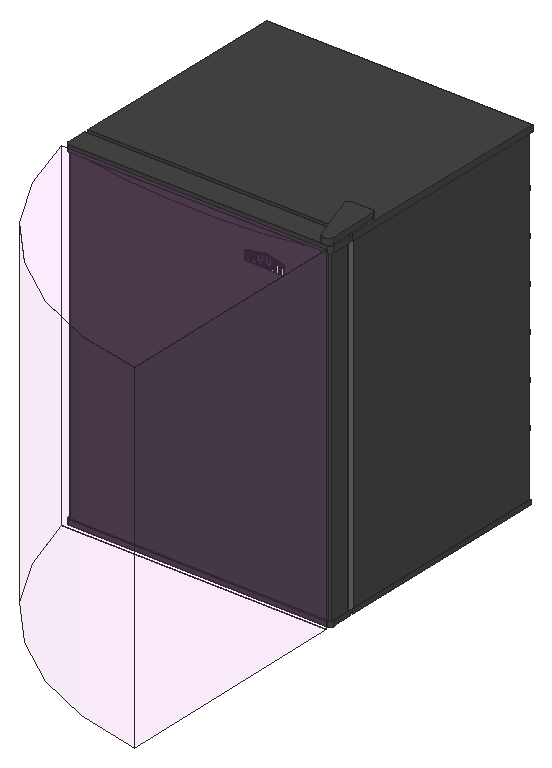
Revit family "Qf_Summit_FF29K_Compact All-Refrigerator", category Specialty Equipment, Revit 2020
Family settings
  Round Connector Dimension = Use Diameter
  Part Type = Normal
  Work Plane-Based = No
  Always vertical = Yes
  Cut with Voids When Loaded = No
  Shared = No
  Room Calculation Point = No
Parameters
  Weight in Pounds = 40
  Watts = 0 W
  Volts = 115 V
  URL Cutsheet = ""
  Specification by User = ""
  Specification by Manufacturer = ""
  Show RHD [instance] = yes
  Show LHD [instance] = not(Show RHD)  # no
  Show Clearance [instance] = yes
  Serial Number = ""
  Seismic Rating = ""
  SMACNA No = ""
  Revision Code = ""
  Refrigerant Volume = 0.00 kip
  Refrigerant Type = "R600a"
  Phase = 1
  Number of Poles = 1
  NAFEM Spec ID Number = ""
  Model = "FF29K"
  Min Ckt Ampacity = 0 A
  Max Overcurrent Protection = 0 A
  Masterspec = ""
  Manufacturer = "Summit"
  Length = 18 1/2"
  Item Number = ""
  Installed By = ""
  Identify Quantity as Lot = yes
  Height = 24 1/2"
  HP = ""
  Furnished By = ""
  Foodservice Equipment Identifier = yes
  FL Amps = 0.6 A
  Electrical Remarks = ""
  Electric Connection Type = ""
  Elec Conn RI Height = 0"
  Elec Conn Connection Height = 0"
  Description = "Compact All-Refrigerator"
  Depth = 18.37503"
  Default Elevation = 0"
  Cycle = 60 Hz
  Conn Plug = ""
  Conn Conduit = yes
  CSI MasterFormat = ""
  Apparent Power = 828 VA
Reference planes (in)
  plane 1: z = 0
  plane 2 "LEFT": x = 0
  plane 3 "RIGHT": x = 18.5
  plane 4 "FRONT": y = -19.12503
  plane 5 "TOP": z = 24.5
  plane 6 "Center Y": x = 9.25
  plane 7 "Center X": y = -9.93752
  plane 8 "BACK": y = -0.75
  plane 9: z = 0.75
  plane 10: z = 24.875
  plane 11: y = -16.75
  plane 12: y = -17.125
  plane 13: x = 17.375
  plane 14: x = 0.125
  plane 15: x = 18.375
  plane 16: y = -1.375
  plane 17: y = -0.95364
  plane 18: y = -1.14114
  plane 19: y = -1.04739
  plane 20: x = 0.5
  plane 21: x = 18
  plane 22: y = -35.875
Forms (in)
  Revolve 1, solid, material "QF_Metallic_Paint_White_Smooth"
    sketch origin (0, 0, 22.5) x (1, 0, 0) y (0, 1, 0)
      loop
        line (1.5, -0.74941) -> (1.5, -1.375) -> (1.75, -1.375) -> (1.75, -0.82975)
        arc (1.75, -0.82975) -> (1.6313, -0.76999) -> (1.5, -0.74941) r 0.42913
      axis (1.5, -1.375) -> (1.5, -0.74941)
    angle from 0 to 360
  Revolve 2, solid, material "QF_Metallic_Paint_White_Smooth"
    sketch origin (18.5, 0, 22.5) x (-1, 0, 0) y (0, 1, 0)
      loop
        line (1.5, -0.74941) -> (1.5, -1.375) -> (1.75, -1.375) -> (1.75, -0.82975)
        arc (1.75, -0.82975) -> (1.6313, -0.76999) -> (1.5, -0.74941) r 0.42913
      axis (1.5, -1.375) -> (1.5, -0.74941)
    angle from 0 to 360
  Revolve 3, solid, material "QF_Metallic_Paint_White_Smooth"
    sketch origin (0, 0, 4.5) x (1, 0, 0) y (0, 1, 0)
      loop
        line (1.5, -0.74941) -> (1.5, -1.375) -> (1.75, -1.375) -> (1.75, -0.82975)
        arc (1.75, -0.82975) -> (1.6313, -0.76999) -> (1.5, -0.74941) r 0.42913
      axis (1.5, -1.375) -> (1.5, -0.74941)
    angle from 0 to 360
  Revolve 4, solid, material "QF_Metallic_Paint_White_Smooth"
    sketch origin (18.5, 0, 4.5) x (-1, 0, 0) y (0, 1, 0)
      loop
        line (1.5, -0.74941) -> (1.5, -1.375) -> (1.75, -1.375) -> (1.75, -0.82975)
        arc (1.75, -0.82975) -> (1.6313, -0.76999) -> (1.5, -0.74941) r 0.42913
      axis (1.5, -1.375) -> (1.5, -0.74941)
    angle from 0 to 360
  Sweep 5, solid, material "QF_Plastic_Dark_Grey"
    path origin (0, -0.75, 0) x (1, 0, 0) y (0, 0, 1)
      loop
        line (0.5, 4.5) -> (17.2786, 4.5)
        arc (17.2786, 4.5) -> (18.0286, 5.25) -> (17.2786, 6) r 0.75
        line (17.2786, 6) -> (1.25472, 6)
        arc (1.25472, 6) -> (0.50472, 6.75) -> (1.25472, 7.5) r 0.75
        line (1.25472, 7.5) -> (17.2786, 7.5)
        arc (17.2786, 7.5) -> (18.0286, 8.25) -> (17.2786, 9) r 0.75
        line (17.2786, 9) -> (1.25472, 9)
        arc (1.25472, 9) -> (0.50472, 9.75) -> (1.25472, 10.5) r 0.75
        line (1.25472, 10.5) -> (17.2786, 10.5)
        arc (17.2786, 10.5) -> (18.0286, 11.25) -> (17.2786, 12) r 0.75
        line (17.2786, 12) -> (1.25472, 12)
        arc (1.25472, 12) -> (0.50472, 12.75) -> (1.25472, 13.5) r 0.75
        line (1.25472, 13.5) -> (17.2786, 13.5)
        arc (17.2786, 13.5) -> (18.0286, 14.25) -> (17.2786, 15) r 0.75
        line (17.2786, 15) -> (1.25472, 15)
        arc (1.25472, 15) -> (0.50472, 15.75) -> (1.25472, 16.5) r 0.75
        line (1.25472, 16.5) -> (17.2786, 16.5)
        arc (17.2786, 16.5) -> (18.0286, 17.25) -> (17.2786, 18) r 0.75
        line (17.2786, 18) -> (1.25472, 18)
        arc (1.25472, 18) -> (0.50472, 18.75) -> (1.25472, 19.5) r 0.75
        line (1.25472, 19.5) -> (17.2786, 19.5)
        arc (17.2786, 19.5) -> (18.0286, 20.25) -> (17.2786, 21) r 0.75
        line (17.2786, 21) -> (1.25472, 21)
        arc (1.25472, 21) -> (0.50472, 21.75) -> (1.25472, 22.5) r 0.75
        line (1.25472, 22.5) -> (18, 22.5)
    profile origin (9.62736, -0.75, 22.5) x (0, 0, 1) y (0, -1, 0)
      loop
        circle (0, 0.29739) r 0.09375
  Extrusion 6, solid, material "QF_Metallic_Paint_Black_Glossy", visible <- "Show RHD"
    sketch origin (0, 7.25, 0) x (1, 0, 0) y (0, 1, 0)
      loop
        arc (17.57727, -25.70624) -> (17.9919, -25.96441) -> (18.31, -25.59375) r 0.375
        line (18.31, -25.59375) -> (18.31, -22.125)
        arc (18.31, -22.125) -> (18.23678, -21.94822) -> (18.06, -21.875) r 0.25
        line (18.06, -21.875) -> (16.6225, -21.875)
        arc (16.6225, -21.875) -> (16.42095, -21.9771) -> (16.38401, -22.19999) r 0.25
        line (16.38401, -22.19999) -> (17.57727, -25.70624)
    from 24.5 to 24.875
  Extrusion 7, solid, material "QF_Metallic_Paint_Black_Glossy"
    sketch origin (0, 1.25, 0) x (1, 0, 0) y (0, 1, 0)
      loop
        line (0.125, -18) -> (18.375, -18) -> (18.375, -2.625) -> (0.125, -2.625) -> (0.125, -18)
    from 0.75 to 24.5
  Extrusion 8, solid, material "QF_Metallic_Paint_Black_Glossy"
    sketch origin (0, 1.25, 0) x (1, 0, 0) y (0, 1, 0)
      loop
        line (0, -18.11165) -> (18.5, -18.11165) -> (18.5, -2.5) -> (0, -2.5) -> (0, -18.11165)
    from 24.5 to 24.0625
  Extrusion 9, solid, material "QF_Metallic_Paint_Black_Glossy"
    sketch origin (0, 1.25, -31.125) x (1, 0, 0) y (0, 1, 0)
      loop
        line (0.0625, -18.05944) -> (18.4375, -18.05944) -> (18.4375, -2.55722) -> (0.0625, -2.55722) -> (0.0625, -18.05944)
    from 31.875 to 32.1875
  Extrusion 10, solid, material "QF_Plastic_Dark_Grey"
    sketch origin (0, 1.25, 0) x (1, 0, 0) y (0, 1, 0)
      loop
        line (0.125, -18) -> (0.125, -18.375) -> (18.375, -18.375) -> (18.375, -18) -> (0.125, -18)
    from 1.0625 to 24.0625
  Extrusion 11, solid, material "QF_Metallic_Paint_Black_Glossy"
    sketch origin (0, 7.25, 0) x (1, 0, 0) y (0, 1, 0)
      loop
        arc (0.23547, -25.90094) -> (9.25, -26.25003) -> (18.26453, -25.90094) r 116.56451
        arc (18.26453, -25.90094) -> (18.34338, -25.85988) -> (18.375, -25.77679) r 0.125
        line (18.375, -25.77679) -> (18.375, -24.5) -> (0.125, -24.5) -> (0.125, -25.77679)
        arc (0.125, -25.77679) -> (0.15662, -25.85988) -> (0.23547, -25.90094) r 0.125
    from 0.75 to 24.5
  Extrusion 12, solid, material "QF_Metallic_Paint_Black_Glossy"
    sketch origin (-0.25, 7.25, 0) x (1, 0, 0) y (0, 1, 0)
      loop
        line (18.75, -24.375) -> (0.25, -24.375) -> (0.25, -25.77679)
        arc (0.25, -25.77679) -> (0.31419, -25.94404) -> (0.47378, -26.02541) r 0.25
        arc (0.47378, -26.02541) -> (9.5, -26.37503) -> (18.52622, -26.02541) r 116.68951
        arc (18.52622, -26.02541) -> (18.68581, -25.94404) -> (18.75, -25.77679) r 0.25
        line (18.75, -25.77679) -> (18.75, -24.375)
    from 24.0625 to 24.5
  Extrusion 13, solid, material "QF_Metallic_Paint_Black_Glossy"
    sketch origin (-0.25, 7.25, -25.25) x (1, 0, 0) y (0, 1, 0)
      loop
        line (18.75, -24.375) -> (0.25, -24.375) -> (0.25, -25.77679)
        arc (0.25, -25.77679) -> (0.31419, -25.94404) -> (0.47378, -26.02541) r 0.25
        arc (0.47378, -26.02541) -> (9.5, -26.37503) -> (18.52622, -26.02541) r 116.68951
        arc (18.52622, -26.02541) -> (18.68581, -25.94404) -> (18.75, -25.77679) r 0.25
        line (18.75, -25.77679) -> (18.75, -24.375)
    from 26 to 26.3125
  Revolve 14, solid, material "QF_Plastic_Dark_Grey"
    sketch origin (0, -15.75036, 0) x (1, 0, 0) y (0, 0, 1)
      loop
        line (1.625, 0.75) -> (1.625, 0) -> (2.06016, 0) -> (2.06016, 0.375) -> (1.93516, 0.375) -> (1.93516, 0.5625) -> (1.75, 0.5625) -> (1.75, 0.75) -> (1.625, 0.75)
      axis (1.625, 0) -> (1.625, 0.75)
    angle from 0 to 360
  Extrusion 15, solid, material "QF_Metallic_Paint_White_Smooth"
    sketch origin (-1.87046, 0.5, -0.62908) x (1, 0, 0) y (0, 0, 1)
      loop
        circle (17.375, 2.125) r 0.25
    from 1.80722 to 1.875
  Extrusion 16, solid, material "QF_Clearances_Door_Drawer", visible <- "Show RHD"
    sketch origin (0, 7.25, 0) x (1, 0, 0) y (0, 1, 0)
      loop
        arc (-0.027, -26.37503) -> (6.52554, -37.76141) -> (18.5, -43.16489) r 21.375
        line (18.5, -43.16489) -> (18.5, -26.37503) -> (-0.027, -26.37503)
    from 0.75 to 24.5
  Extrusion 17, solid, material "QF_Metallic_Paint_Black_Glossy"
    sketch origin (0, -0.75, 0) x (1, 0, 0) y (0, 0, 1)
      loop
        arc (1.75, 24.0625) -> (9.25, 23.75) -> (16.75, 24.0625) r 90.15625
        line (16.75, 24.0625) -> (1.75, 24.0625)
    from 17.90094 to 18.37503
  Extrusion 18, void
    sketch origin (0, 0.03125, 0) x (1, 0, 0) y (0, 1, 0)
      loop
        line (1.6139, -18.87491) -> (1.6139, -19.24256) -> (16.99031, -19.24256) -> (16.99031, -18.86803)
        arc (16.99031, -18.86803) -> (9.30222, -19.12502) -> (1.6139, -18.87491) r 116.68951
    from 23.42395 to 24.5
  Revolve 19, solid, material "QF_Plastic_Dark_Grey"
    sketch origin (18.5, -15.75036, 0) x (-1, 0, 0) y (0, 0, -1)
      loop
        line (1.625, -0.75) -> (1.75, -0.75) -> (1.75, -0.5625) -> (1.93516, -0.5625) -> (1.93516, -0.375) -> (2.06016, -0.375) -> (2.06016, 0) -> (1.625, 0) -> (1.625, -0.75)
      axis (1.625, 0) -> (1.625, -0.75)
    angle from 0 to 360
  Revolve 20, solid, material "QF_Plastic_Dark_Grey"
    sketch origin (0, -2.49766, 0) x (1, 0, 0) y (0, 0, 1)
      loop
        line (1.625, 0.75) -> (1.625, 0) -> (2.06016, 0) -> (2.06016, 0.375) -> (1.93516, 0.375) -> (1.93516, 0.5625) -> (1.75, 0.5625) -> (1.75, 0.75) -> (1.625, 0.75)
      axis (1.625, 0) -> (1.625, 0.75)
    angle from 0 to 360
  Revolve 21, solid, material "QF_Plastic_Dark_Grey"
    sketch origin (18.5, -2.49766, 0) x (-1, 0, 0) y (0, 0, -1)
      loop
        line (1.625, -0.75) -> (1.75, -0.75) -> (1.75, -0.5625) -> (1.93516, -0.5625) -> (1.93516, -0.375) -> (2.06016, -0.375) -> (2.06016, 0) -> (1.625, 0) -> (1.625, -0.75)
      axis (1.625, 0) -> (1.625, -0.75)
    angle from 0 to 360
  Extrusion 22, solid, material "QF_Metallic_Paint_White_Smooth"
    sketch origin (0, -0.75, 0) x (1, 0, 0) y (0, 0, 1)
      loop
        line (12.74691, 22.48847) -> (12.74691, 21.84019) -> (15.49296, 21.84019) -> (15.49296, 22.49889) -> (14.12774, 22.79752) -> (12.74691, 22.48847)
      loop
        line (12.99938, 22.00121) -> (12.9519, 22.00121) -> (12.93539, 22.03272) -> (12.80996, 22.03272) -> (12.80996, 21.90292) -> (13.12552, 21.90292) -> (13.12552, 22.24412) -> (12.9519, 22.24412) -> (12.9519, 22.35749) -> (12.99898, 22.35796) -> (13.01589, 22.32568) -> (13.12552, 22.32568) -> (13.12552, 22.52343) -> (12.80996, 22.45399) -> (12.80996, 22.11428) -> (12.99938, 22.11428) -> (12.99938, 22.00121)
      loop
        line (13.33079, 22.56859) -> (13.20126, 22.54009) -> (13.20126, 21.90292) -> (13.51783, 21.90292) -> (13.51783, 22.60975) -> (13.39369, 22.58243) -> (13.39369, 22.08268) -> (13.33079, 22.08268) -> (13.33079, 22.56859)
      loop
        line (13.59944, 21.90292) -> (13.7415, 21.90292) -> (13.7415, 22.08218) -> (13.81963, 21.90292) -> (13.88317, 21.90292) -> (13.96241, 22.17883) -> (13.96241, 21.90292) -> (14.08872, 21.90292) -> (14.08872, 22.73879) -> (13.94675, 22.70755) -> (13.85186, 22.2768) -> (13.75482, 22.66532) -> (13.59944, 22.63113) -> (13.59944, 21.90292)
      loop
        line (14.16742, 21.90292) -> (14.30928, 21.90292) -> (14.30928, 22.17883) -> (14.38852, 21.90292) -> (14.45206, 21.90292) -> (14.53019, 22.08218) -> (14.53019, 21.90292) -> (14.67225, 21.90292) -> (14.67225, 22.63113) -> (14.51686, 22.66532) -> (14.41983, 22.2768) -> (14.32494, 22.70755) -> (14.16742, 22.74221) -> (14.16742, 21.90292)
      loop
        line (14.7508, 21.90292) -> (14.92485, 21.90292) -> (14.92485, 22.57555) -> (14.7508, 22.61384) -> (14.7508, 21.90292)
      loop
        line (15.12995, 21.90292) -> (15.28764, 21.90292) -> (15.28764, 22.32486) -> (15.42988, 22.29356) -> (15.42988, 22.46442) -> (15.00338, 22.55827) -> (15.00338, 22.38741) -> (15.12995, 22.35956) -> (15.12995, 21.90292)
    from 18.37503 to 18.38534
  Extrusion 23, solid, material "QF_Metallic_Paint_Black_Glossy", visible <- "Show RHD"
    sketch origin (0, -0.75, 0.12511) x (1, 0, 0) y (0, 0, 1)
      loop
        line (12.99938, 21.8761) -> (12.9519, 21.8761) -> (12.93539, 21.90761) -> (12.80996, 21.90761) -> (12.80996, 21.77782) -> (13.12552, 21.77782) -> (13.12552, 22.11901) -> (12.9519, 22.11901) -> (12.9519, 22.23239) -> (12.99898, 22.23285) -> (13.01589, 22.20057) -> (13.12552, 22.20057) -> (13.12552, 22.39832) -> (12.80996, 22.32888) -> (12.80996, 21.98917) -> (12.99938, 21.98917) -> (12.99938, 21.8761)
      loop
        line (13.33079, 22.44349) -> (13.20126, 22.41498) -> (13.20126, 21.77782) -> (13.51783, 21.77782) -> (13.51783, 22.48464) -> (13.39369, 22.45733) -> (13.39369, 21.95757) -> (13.33079, 21.95757) -> (13.33079, 22.44349)
      loop
        line (13.59944, 21.77782) -> (13.7415, 21.77782) -> (13.7415, 21.95708) -> (13.81963, 21.77782) -> (13.88317, 21.77782) -> (13.96241, 22.05372) -> (13.96241, 21.77782) -> (14.08872, 21.77782) -> (14.08872, 22.61369) -> (13.94675, 22.58245) -> (13.85186, 22.1517) -> (13.75482, 22.54022) -> (13.59944, 22.50602) -> (13.59944, 21.77782)
      loop
        line (14.16742, 21.77782) -> (14.30928, 21.77782) -> (14.30928, 22.05372) -> (14.38852, 21.77782) -> (14.45206, 21.77782) -> (14.53019, 21.95708) -> (14.53019, 21.77782) -> (14.67225, 21.77782) -> (14.67225, 22.50602) -> (14.51686, 22.54022) -> (14.41983, 22.1517) -> (14.32494, 22.58245) -> (14.16742, 22.61711) -> (14.16742, 21.77782)
      loop
        line (14.7508, 21.77782) -> (14.92485, 21.77782) -> (14.92485, 22.45044) -> (14.7508, 22.48874) -> (14.7508, 21.77782)
      loop
        line (15.12995, 21.77782) -> (15.28764, 21.77782) -> (15.28764, 22.19976) -> (15.42988, 22.16846) -> (15.42988, 22.33931) -> (15.00338, 22.43316) -> (15.00338, 22.26231) -> (15.12995, 22.23446) -> (15.12995, 21.77782)
    from 18.38534 to 18.37503
  Extrusion 24, solid, material "QF_Metallic_Paint_Black_Glossy", visible <- "Show LHD"
    sketch origin (-9.83485, -0.75, 0.12511) x (1, 0, 0) y (0, 0, 1)
      loop
        line (12.99938, 21.8761) -> (12.9519, 21.8761) -> (12.93539, 21.90761) -> (12.80996, 21.90761) -> (12.80996, 21.77782) -> (13.12552, 21.77782) -> (13.12552, 22.11901) -> (12.9519, 22.11901) -> (12.9519, 22.23239) -> (12.99898, 22.23285) -> (13.01589, 22.20057) -> (13.12552, 22.20057) -> (13.12552, 22.39832) -> (12.80996, 22.32888) -> (12.80996, 21.98917) -> (12.99938, 21.98917) -> (12.99938, 21.8761)
      loop
        line (13.33079, 22.44349) -> (13.20126, 22.41498) -> (13.20126, 21.77782) -> (13.51783, 21.77782) -> (13.51783, 22.48464) -> (13.39369, 22.45733) -> (13.39369, 21.95757) -> (13.33079, 21.95757) -> (13.33079, 22.44349)
      loop
        line (13.59944, 21.77782) -> (13.7415, 21.77782) -> (13.7415, 21.95708) -> (13.81963, 21.77782) -> (13.88317, 21.77782) -> (13.96241, 22.05372) -> (13.96241, 21.77782) -> (14.08872, 21.77782) -> (14.08872, 22.61369) -> (13.94675, 22.58245) -> (13.85186, 22.1517) -> (13.75482, 22.54022) -> (13.59944, 22.50602) -> (13.59944, 21.77782)
      loop
        line (14.16742, 21.77782) -> (14.30928, 21.77782) -> (14.30928, 22.05372) -> (14.38852, 21.77782) -> (14.45206, 21.77782) -> (14.53019, 21.95708) -> (14.53019, 21.77782) -> (14.67225, 21.77782) -> (14.67225, 22.50602) -> (14.51686, 22.54022) -> (14.41983, 22.1517) -> (14.32494, 22.58245) -> (14.16742, 22.61711) -> (14.16742, 21.77782)
      loop
        line (14.7508, 21.77782) -> (14.92485, 21.77782) -> (14.92485, 22.45044) -> (14.7508, 22.48874) -> (14.7508, 21.77782)
      loop
        line (15.12995, 21.77782) -> (15.28764, 21.77782) -> (15.28764, 22.19976) -> (15.42988, 22.16846) -> (15.42988, 22.33931) -> (15.00338, 22.43316) -> (15.00338, 22.26231) -> (15.12995, 22.23446) -> (15.12995, 21.77782)
    from 18.38534 to 18.37503
  Extrusion 25, solid, material "QF_Metallic_Paint_Black_Glossy", visible <- "Show LHD"
    sketch origin (18.5, 7.25, 0) x (-1, 0, 0) y (0, -1, 0)
      loop
        line (17.57727, 25.70624) -> (16.38401, 22.19999)
        arc (16.38401, 22.19999) -> (16.42095, 21.9771) -> (16.6225, 21.875) r 0.25
        line (16.6225, 21.875) -> (18.06, 21.875)
        arc (18.06, 21.875) -> (18.23678, 21.94822) -> (18.31, 22.125) r 0.25
        line (18.31, 22.125) -> (18.31, 25.59375)
        arc (18.31, 25.59375) -> (17.9919, 25.96441) -> (17.57727, 25.70624) r 0.375
    from 24.5 to 24.875
  Extrusion 26, solid, material "QF_Clearances_Door_Drawer", visible <- "Show LHD"
    sketch origin (18.5, 7.25, 0) x (-1, 0, 0) y (0, -1, 0)
      loop
        line (-0.027, 26.37503) -> (18.5, 26.37503) -> (18.5, 43.16489)
        arc (18.5, 43.16489) -> (6.52554, 37.76141) -> (-0.027, 26.37503) r 21.375
    from 0.75 to 24.5
Cuts and joins
  Extrusion 18 cuts Extrusion 13
  Extrusion 18 cuts Extrusion 17
  joined: Extrusion 11, Extrusion 12, Extrusion 13, Extrusion 17
  joined: Extrusion 7, Extrusion 8, Extrusion 9
Lines and regions (in)
  symbolic lines
    curve 1: line (0, -1.25, 0) -> (0, -16.86165, 0)
    curve 3: line (18.5, -16.86165, 0) -> (18.5, -1.25, 0)
    curve 4: line (18.5, -1.25, 0) -> (0, -1.25, 0)
    curve 5: line (0.50528, -0.95364, 0) -> (18.02756, -0.95364, 0)
    curve 6: line (18.02756, -1.14114, 0) -> (0.50528, -1.14114, 0)
    curve 7: arc (18.02756, -0.95364, 0) -> (18.12131, -1.04739, 0) -> (18.02756, -1.14114, 0) r 0.09375
    curve 8: arc (0.50528, -1.14114, 0) -> (0.41153, -1.04739, 0) -> (0.50528, -0.95364, 0) r 0.09375
    curve 9: line (1.25, -0.82975, 0) -> (1.75, -0.82975, 0)
    curve 10: line (1.25, -0.82975, 0) -> (1.25, -0.95364, 0)
    curve 11: line (1.25, -1.25, 0) -> (1.25, -1.14114, 0)
    curve 12: line (1.75, -0.82975, 0) -> (1.75, -0.95364, 0)
    curve 13: line (1.75, -1.25, 0) -> (1.75, -1.14114, 0)
    curve 14: arc (1.25, -0.82975, 0) -> (1.5, -0.74995, 0) -> (1.75, -0.82975, 0) r 0.43148
    curve 15: line (17.25, -0.82975, 0) -> (16.75, -0.82975, 0)
    curve 16: line (17.25, -0.82975, 0) -> (17.25, -0.95364, 0)
    curve 17: line (17.25, -1.25, 0) -> (17.25, -1.14114, 0)
    curve 18: line (16.75, -0.82975, 0) -> (16.75, -0.95364, 0)
    curve 19: line (16.75, -1.25, 0) -> (16.75, -1.14114, 0)
    curve 20: arc (17.25, -0.82975, 0) -> (17, -0.74995, 0) -> (16.75, -0.82975, 0) r 0.43148
  symbolic lines, visible <- "Show RHD"
    curve 2: line (0, -16.86165, 0) -> (17.0346, -16.86165, 0)
    curve 21: line (18.06, -14.625, 0) -> (16.6225, -14.625, 0)
    curve 22: arc (16.6225, -14.625, 0) -> (16.42095, -14.7271, 0) -> (16.38401, -14.94999, 0) r 0.25
    curve 23: line (16.38401, -14.94999, 0) -> (17.57727, -18.45624, 0)
    curve 24: arc (17.57727, -18.45624, 0) -> (17.9919, -18.71441, 0) -> (18.31, -18.34375, 0) r 0.375
    curve 25: line (18.31, -18.34375, 0) -> (18.31, -14.875, 0)
    curve 26: arc (18.31, -14.875, 0) -> (18.23678, -14.69822, 0) -> (18.06, -14.625, 0) r 0.25
    curve 27: line (18.31, -16.86165, 0) -> (18.5, -16.86165, 0)
    curve 28: line (18.375, -16.86165, 0) -> (18.375, -17.125, 0)
    curve 29: line (18.31, -17.125, 0) -> (18.5, -17.125, 0)
    curve 30: line (17.12422, -17.125, 0) -> (0, -17.125, 0)
    curve 31: line (0, -17.125, 0) -> (0, -18.52679, 0)
    curve 32: arc (0, -18.52679, 0) -> (0.06419, -18.69404, 0) -> (0.22378, -18.77541, 0) r 0.25
    curve 33: arc (0.22378, -18.77541, 0) -> (9.25, -19.12503, 0) -> (18.27622, -18.77541, 0) r 116.68951
    curve 34: arc (18.27622, -18.77541, 0) -> (18.43581, -18.69404, 0) -> (18.5, -18.52679, 0) r 0.25
    curve 35: line (18.5, -18.52679, 0) -> (18.5, -17.125, 0)
    curve 36: line (0.125, -16.86165, 0) -> (0.125, -17.125, 0)
  symbolic lines, style "QF_Clearances_Door_Drawer", visible <- "Show RHD"
    curve 37: arc (-0.027, -19.12503, 0) -> (1.44331, -23.56869, 0) -> (3.84556, -27.58578, 0) r 21.375
    curve 38: line (3.84556, -27.58578, 0) -> (18.5, -19.12503, 0)
  symbolic lines, visible <- "Show LHD"
    curve 39: line (18.5, -16.86165, 0) -> (1.4654, -16.86165, 0)
    curve 40: line (0.44, -14.625, 0) -> (1.8775, -14.625, 0)
    curve 41: arc (1.8775, -14.625, 0) -> (2.07905, -14.7271, 0) -> (2.11599, -14.94999, 0) r 0.25
    curve 42: line (2.11599, -14.94999, 0) -> (0.92273, -18.45624, 0)
    curve 43: arc (0.92273, -18.45624, 0) -> (0.5081, -18.71441, 0) -> (0.19, -18.34375, 0) r 0.375
    curve 44: line (0.19, -18.34375, 0) -> (0.19, -14.875, 0)
    curve 45: arc (0.19, -14.875, 0) -> (0.26322, -14.69822, 0) -> (0.44, -14.625, 0) r 0.25
    curve 46: line (0.19, -16.86165, 0) -> (0, -16.86165, 0)
    curve 47: line (0.125, -16.86165, 0) -> (0.125, -17.125, 0)
    curve 48: line (0.19, -17.125, 0) -> (0, -17.125, 0)
    curve 49: line (1.37578, -17.125, 0) -> (18.5, -17.125, 0)
    curve 50: line (18.5, -17.125, 0) -> (18.5, -18.52679, 0)
    curve 51: arc (18.5, -18.52679, 0) -> (18.43581, -18.69404, 0) -> (18.27622, -18.77541, 0) r 0.25
    curve 52: arc (18.27622, -18.77541, 0) -> (9.25, -19.12503, 0) -> (0.22378, -18.77541, 0) r 116.68951
    curve 53: arc (0.22378, -18.77541, 0) -> (0.06419, -18.69404, 0) -> (0, -18.52679, 0) r 0.25
    curve 54: line (0, -18.52679, 0) -> (0, -17.125, 0)
    curve 55: line (18.375, -16.86165, 0) -> (18.375, -17.125, 0)
  symbolic lines, style "QF_Clearances_Door_Drawer", visible <- "Show LHD"
    curve 56: arc (18.527, -19.12503, 0) -> (17.05669, -23.56869, 0) -> (14.65444, -27.58578, 0) r 21.375
    curve 57: line (14.65444, -27.58578, 0) -> (0, -19.12503, 0)
Dimensions and locks (in)
  equal spacing: plane 2 "LEFT", plane 6 "Center Y", plane 3 "RIGHT"
  "Length": plane 2 "LEFT" to plane 3 "RIGHT"
  equal spacing: plane 4 "FRONT", plane 7 "Center X", plane 8 "BACK"
  "Height": plane 5 "TOP" to level
  plane 3 "RIGHT" to plane 2 "LEFT" = 18 1/2"
  plane 5 "TOP" to level = 24 1/2"  (x2)
  "Depth": plane 4 "FRONT" to plane 8 "BACK"
  plane 9 to level = 3/4"
  plane 10 to plane 5 "TOP" = 3/8"
  plane 16 to plane 22 = 34 1/2"
  plane 11 to plane 16 = 15 3/8"
  aligned and locked: level to plane 1
  aligned and locked: Extrusion 6 to plane 10
  aligned and locked: cut or joined group of Extrusion 11, Extrusion 12, Extrusion 13, Extrusion 17, Extrusion 18 to Extrusion 17
  aligned and locked: Extrusion 22 to Extrusion 23
  aligned and locked: Extrusion 16 to Extrusion 22
Automatic sketch dimensions
  plane 4 "FRONT" to curve 37 = 0"
  curve 2 to plane 2 "LEFT" = 0"
  curve 32 to plane 2 "LEFT" = 0"
  curve 36 to plane 14 = 0"
  plane 19 to curve 8 = 0"
  plane 18 to curve 8 = 0"
  curve 33 to plane 6 "Center Y" = 0"
  plane 12 to curve 30 = 0"
  plane 12 to curve 29 = 0"
  curve 28 to plane 15 = 0"
  curve 35 to plane 3 "RIGHT" = 0"
  curve 3 to plane 3 "RIGHT" = 0"
  curve 38 to plane 3 "RIGHT" = 0"
  plane 4 "FRONT" to curve 57 = 0"
  plane 4 "FRONT" to curve 56 = 0"
  plane 4 "FRONT" to curve 38 = 0"
  curve 8 to plane 14 = 0.38028"
  plane 8 "BACK" to curve 9 = 0.07975"
  curve 5 to curve 9 = 0.74472"
  plane 18 to curve 14 = 0.04029"
  curve 10 to curve 14 = 1/4"
  curve 38 to plane 14 = 3.72056"
  plane 13 to curve 23 = 0.99099"
  curve 22 to curve 22 = 0.23849"
  plane 8 "BACK" to curve 15 = 0.07975"
  plane 13 to curve 15 = 5/8"
  plane 18 to curve 20 = 0.04029"
  curve 18 to curve 20 = 1/4"
  curve 23 to plane 13 = 0.20227"
  curve 24 to curve 24 = 0.35773"
  curve 7 to plane 15 = 0.34744"
  curve 21 to plane 15 = 0.315"
  curve 34 to plane 15 = 1/8"
  curve 25 to plane 15 = 0.065"
  curve 37 to plane 3 "RIGHT" = 2.37915"
  curve 56 to curve 54 = 2.37915"
  curve 43 to curve 53 = 0.06"
  curve 44 to curve 45 = 1/4"
  curve 53 to curve 43 = 0.315"
  curve 43 to curve 42 = 0.35773"
  curve 40 to curve 40 = 1 7/16"
  curve 42 to plane 11 = 1.80001"
  curve 41 to curve 42 = 0.23849"
  plane 22 to curve 57 = 8.28922"
  curve 56 to curve 51 = 3.59556"
  plane 22 to curve 38 = 8.28922"
  curve 34 to plane 4 "FRONT" = 0.59825"
  curve 53 to curve 43 = 0.18304"
  curve 31 to plane 4 "FRONT" = 0.59825"
  curve 23 to plane 4 "FRONT" = 0.66879"
  curve 23 to plane 11 = 1.80001"
  curve 25 to plane 11 = 1 7/8"
  curve 42 to curve 45 = 0.07499"
  curve 56 to plane 11 = 2.07729"
  curve 37 to plane 11 = 2.07729"
  plane 18 to curve 3 = 0.10886"
  curve 52 to plane 8 "BACK" = 98.31447"
  curve 33 to curve 52 = 0"
  curve 32 to plane 14 = 0.09878"
  curve 11 to curve 14 = 1/4"
  curve 13 to curve 12 = 0"
  curve 19 to curve 20 = 1/4"
  plane 13 to curve 17 = 1/8"
  curve 57 to curve 54 = 0"
  curve 47 to curve 48 = 0.065"
  curve 53 to curve 53 = 0.02622"
  plane 11 to curve 39 = 0.11165"
  curve 55 to curve 39 = 1/8"
  plane 11 to curve 47 = 0.11165"
  plane 16 to Revolve 1 sketch curve = 0"
  Revolve 1 sketch curve to plane 8 "BACK" = 0.00059"
  Revolve 1 sketch curve to plane 14 = 1 3/8"
  Revolve 1 sketch curve to Revolve 1 sketch curve = 1/4"
  plane 18 to Revolve 1 sketch curve = 0.0374"
  Revolve 1 sketch curve to Revolve 1 sketch curve = 0"  (x2)
  Revolve 1 sketch curve to Revolve 1 sketch curve = 0.18843"
  plane 16 to Revolve 2 sketch curve = 0"
  plane 8 "BACK" to Revolve 2 sketch curve = 0.00059"
  Revolve 2 sketch curve to plane 13 = 3/8"
  Revolve 2 sketch curve to Revolve 2 sketch curve = 1/4"
  Revolve 2 sketch curve to plane 18 = 0.0374"
  Revolve 2 sketch curve to Revolve 2 sketch curve = 0"  (x2)
  Revolve 2 sketch curve to Revolve 2 sketch curve = 0.18843"
  plane 16 to Revolve 3 sketch curve = 0"
  Revolve 3 sketch curve to plane 8 "BACK" = 0.00059"
  Revolve 3 sketch curve to plane 14 = 1 3/8"
  Revolve 3 sketch curve to Revolve 3 sketch curve = 1/4"
  plane 18 to Revolve 3 sketch curve = 0.0374"
  Revolve 3 sketch curve to Revolve 3 sketch curve = 0"  (x2)
  Revolve 3 sketch curve to Revolve 3 sketch curve = 0.18843"
  plane 16 to Revolve 4 sketch curve = 0"
  plane 8 "BACK" to Revolve 4 sketch curve = 0.00059"
  Revolve 4 sketch curve to plane 13 = 3/8"
  Revolve 4 sketch curve to Revolve 4 sketch curve = 1/4"
  Revolve 4 sketch curve to plane 18 = 0.0374"
  Revolve 4 sketch curve to Revolve 4 sketch curve = 0"  (x2)
  Revolve 4 sketch curve to Revolve 4 sketch curve = 0.18843"
  plane 20 to Sweep 5 sketch curve = 0"
  Sweep 5 sketch curve to plane 21 = 0"
  Sweep 5 sketch curve to plane 20 = 0.75472"  (x6)
  plane 13 to Sweep 5 sketch curve = 0.0964"  (x6)
  Sweep 5 sketch curve to plane 9 = 3 3/4"
  Sweep 5 sketch curve to Sweep 5 sketch curve = 3/4"  (x12)
  profile plane to Sweep 5 sketch curve = 0"
  profile plane to Sweep 5 sketch curve = 0.29739"
  plane 13 to Extrusion 6 sketch curve = 0.99099"
  Extrusion 6 sketch curve to Extrusion 6 sketch curve = 0.23849"
  Extrusion 6 sketch curve to plane 13 = 0.20227"
  Extrusion 6 sketch curve to Extrusion 6 sketch curve = 0.35773"
  Extrusion 6 sketch curve to plane 15 = 0.315"
  Extrusion 6 sketch curve to plane 15 = 0.065"
  Extrusion 6 sketch curve to plane 4 "FRONT" = 0.66879"
  Extrusion 6 sketch curve to plane 11 = 1.80001"
  Extrusion 6 sketch curve to Extrusion 6 sketch curve = 0.07499"
  Extrusion 7 sketch curve to plane 14 = 0"
  plane 11 to Extrusion 7 sketch curve = 0"
  Extrusion 7 sketch curve to plane 15 = 0"
  plane 16 to Extrusion 7 sketch curve = 0"
  Extrusion 8 sketch curve to plane 2 "LEFT" = 0"
  Extrusion 8 sketch curve to plane 3 "RIGHT" = 0"
  plane 11 to Extrusion 8 sketch curve = 0.11165"
  plane 18 to Extrusion 8 sketch curve = 0.10886"
  plane 2 "LEFT" to Extrusion 9 sketch curve = 1/16"
  plane 3 "RIGHT" to Extrusion 9 sketch curve = 1/16"
  plane 11 to Extrusion 9 sketch curve = 0.05944"
  Extrusion 9 sketch curve to plane 16 = 0.06778"
  plane 12 to Extrusion 10 sketch curve = 0"
  Extrusion 10 sketch curve to plane 14 = 0"
  Extrusion 10 sketch curve to plane 15 = 0"
  plane 11 to Extrusion 10 sketch curve = 0"
  Extrusion 11 sketch curve to plane 14 = 0"
  Extrusion 11 sketch curve to plane 6 "Center Y" = 0"
  Extrusion 11 sketch curve to plane 15 = 0"
  Extrusion 11 sketch curve to Extrusion 11 sketch curve = 1/8"  (x2)
  Extrusion 11 sketch curve to plane 4 "FRONT" = 0.59825"  (x2)
  plane 12 to Extrusion 11 sketch curve = 1/8"
  Extrusion 11 sketch curve to plane 8 "BACK" = 98.31447"
  Extrusion 11 sketch curve to plane 14 = 0.11047"
  Extrusion 12 sketch curve to plane 2 "LEFT" = 0"
  Extrusion 12 sketch curve to plane 6 "Center Y" = 0"
  Extrusion 12 sketch curve to plane 3 "RIGHT" = 0"
  plane 12 to Extrusion 12 sketch curve = 0"
  Extrusion 12 sketch curve to plane 14 = 1/8"
  Extrusion 12 sketch curve to plane 15 = 1/8"
  Extrusion 12 sketch curve to plane 4 "FRONT" = 0.59825"  (x2)
  Extrusion 12 sketch curve to plane 8 "BACK" = 98.31447"
  Extrusion 12 sketch curve to plane 14 = 0.09878"
  Extrusion 13 sketch curve to plane 2 "LEFT" = 0"
  Extrusion 13 sketch curve to plane 6 "Center Y" = 0"
  Extrusion 13 sketch curve to plane 3 "RIGHT" = 0"
  plane 12 to Extrusion 13 sketch curve = 0"
  Extrusion 13 sketch curve to plane 14 = 1/8"
  Extrusion 13 sketch curve to plane 15 = 1/8"
  Extrusion 13 sketch curve to plane 4 "FRONT" = 0.59825"  (x2)
  Extrusion 13 sketch curve to plane 8 "BACK" = 98.31447"
  Extrusion 13 sketch curve to plane 14 = 0.09878"
  Revolve 14 sketch curve to plane 9 = 0"  (x2)
  Revolve 14 sketch curve to level = 0"
  Revolve 14 sketch curve to plane 14 = 1 1/2"
  Revolve 14 sketch curve to Revolve 14 sketch curve = 1/8"  (x2)
  Revolve 14 sketch curve to Revolve 14 sketch curve = 0.18516"
  level to Revolve 14 sketch curve = 3/8"
  plane 9 to Revolve 14 sketch curve = 3/16"
  Revolve 14 sketch curve to Revolve 14 sketch curve = 0"
  Revolve 14 sketch curve to plane 9 = 0.19038"
  Extrusion 15 sketch curve to plane 9 = 0.74592"
  plane 13 to Extrusion 15 sketch curve = 1.87046"
  plane 4 "FRONT" to Extrusion 16 sketch curve = 0"
  Extrusion 16 sketch curve to plane 3 "RIGHT" = 0"
  Extrusion 16 sketch curve to plane 2 "LEFT" = 0.027"
  Extrusion 16 sketch curve to plane 3 "RIGHT" = 2.37915"
  Extrusion 16 sketch curve to plane 22 = 0.03989"
  Extrusion 17 sketch curve to plane 6 "Center Y" = 0"
  Extrusion 17 sketch curve to plane 5 "TOP" = 7/16"
  Extrusion 17 sketch curve to plane 14 = 1 5/8"
  Extrusion 17 sketch curve to plane 10 = 89 1/32"
  Extrusion 18 sketch curve to plane 6 "Center Y" = 0"
  plane 4 "FRONT" to Extrusion 18 sketch curve = 0.08628"
  Extrusion 18 sketch curve to plane 14 = 1.4889"
  plane 13 to Extrusion 18 sketch curve = 0.38469"
  Extrusion 18 sketch curve to plane 4 "FRONT" = 0.28137"
  Extrusion 18 sketch curve to plane 4 "FRONT" = 0.28825"
  Revolve 19 sketch curve to plane 9 = 0"  (x2)
  Revolve 19 sketch curve to level = 0"
  plane 13 to Revolve 19 sketch curve = 1/2"
  Revolve 19 sketch curve to Revolve 19 sketch curve = 1/8"  (x2)
  Revolve 19 sketch curve to Revolve 19 sketch curve = 0.18516"
  plane 9 to Revolve 19 sketch curve = 3/16"
  Revolve 19 sketch curve to Revolve 19 sketch curve = 3/16"
  Revolve 19 sketch curve to Revolve 19 sketch curve = 0"
  Revolve 19 sketch curve to Revolve 19 sketch curve = 0.19038"
  Revolve 20 sketch curve to plane 9 = 0"  (x2)
  Revolve 20 sketch curve to level = 0"
  Revolve 20 sketch curve to plane 14 = 1 1/2"
  Revolve 20 sketch curve to Revolve 20 sketch curve = 1/8"  (x2)
  Revolve 20 sketch curve to Revolve 20 sketch curve = 0.18516"
  level to Revolve 20 sketch curve = 3/8"
  Revolve 20 sketch curve to Revolve 20 sketch curve = 3/16"
  Revolve 20 sketch curve to Revolve 20 sketch curve = 0"
  Revolve 20 sketch curve to plane 9 = 0.19038"
  Revolve 21 sketch curve to plane 9 = 0"  (x2)
  Revolve 21 sketch curve to level = 0"
  plane 13 to Revolve 21 sketch curve = 1/2"
  Revolve 21 sketch curve to Revolve 21 sketch curve = 1/8"  (x2)
  Revolve 21 sketch curve to Revolve 21 sketch curve = 0.18516"
  plane 9 to Revolve 21 sketch curve = 3/16"
  Revolve 21 sketch curve to Revolve 21 sketch curve = 3/16"
  Revolve 21 sketch curve to Revolve 21 sketch curve = 0"
  Revolve 21 sketch curve to Revolve 21 sketch curve = 0.19038"
  plane 6 "Center Y" to Extrusion 22 sketch curve = 3.49691"
  Extrusion 22 sketch curve to Extrusion 22 sketch curve = 0.06305"  (x2)
  Extrusion 22 sketch curve to Extrusion 22 sketch curve = 0.12543"
  Extrusion 22 sketch curve to Extrusion 22 sketch curve = 0.14194"
  Extrusion 22 sketch curve to Extrusion 22 sketch curve = 0.01651"
  Extrusion 22 sketch curve to Extrusion 22 sketch curve = 0.04708"
  Extrusion 22 sketch curve to Extrusion 22 sketch curve = 0.04748"
  Extrusion 22 sketch curve to Extrusion 22 sketch curve = 0.01692"
  Extrusion 22 sketch curve to Extrusion 22 sketch curve = 0.12614"
  Extrusion 22 sketch curve to Extrusion 22 sketch curve = 0.12655"
  Extrusion 22 sketch curve to Extrusion 22 sketch curve = 0.07573"
  Extrusion 22 sketch curve to plane 5 "TOP" = 1.93141"
  Extrusion 22 sketch curve to Extrusion 22 sketch curve = 0.12953"
  Extrusion 22 sketch curve to Extrusion 22 sketch curve = 0.06291"
  Extrusion 22 sketch curve to plane 5 "TOP" = 1.89025"
  Extrusion 22 sketch curve to Extrusion 22 sketch curve = 0.12413"
  Extrusion 22 sketch curve to plane 5 "TOP" = 1.86887"
  Extrusion 22 sketch curve to Extrusion 22 sketch curve = 0.08161"
  Extrusion 22 sketch curve to Extrusion 22 sketch curve = 0.14206"
  Extrusion 22 sketch curve to Extrusion 22 sketch curve = 0.15539"  (x2)
  Extrusion 22 sketch curve to Extrusion 22 sketch curve = 5/64"  (x2)
  Extrusion 22 sketch curve to Extrusion 22 sketch curve = 0.11036"
  Extrusion 22 sketch curve to Extrusion 22 sketch curve = 0.06354"  (x2)
  Extrusion 22 sketch curve to Extrusion 22 sketch curve = 0.19192"  (x2)
  Extrusion 22 sketch curve to Extrusion 22 sketch curve = 0.07923"  (x2)
  Extrusion 22 sketch curve to Extrusion 22 sketch curve = 0.14197"
  Extrusion 22 sketch curve to Extrusion 22 sketch curve = 0.03902"
  Extrusion 22 sketch curve to Extrusion 22 sketch curve = 0.03969"
  Extrusion 22 sketch curve to Extrusion 22 sketch curve = 0.14186"
  Extrusion 22 sketch curve to Extrusion 22 sketch curve = 0.15752"
  Extrusion 22 sketch curve to Extrusion 22 sketch curve = 0.11054"
  Extrusion 22 sketch curve to Extrusion 22 sketch curve = 0.07855"
  Extrusion 22 sketch curve to Extrusion 22 sketch curve = 0.17404"
  Extrusion 22 sketch curve to Extrusion 22 sketch curve = 0.07853"
  Extrusion 22 sketch curve to Extrusion 22 sketch curve = 0.2051"
  Extrusion 22 sketch curve to Extrusion 22 sketch curve = 0.1577"
  Extrusion 22 sketch curve to Extrusion 22 sketch curve = 0.14224"
  Extrusion 22 sketch curve to Extrusion 22 sketch curve = 0.20532"
  Extrusion 22 sketch curve to Extrusion 22 sketch curve = 0.07286"
  Extrusion 22 sketch curve to Extrusion 22 sketch curve = 0.0285"
  Extrusion 22 sketch curve to Extrusion 22 sketch curve = 0.01666"
  Extrusion 22 sketch curve to Extrusion 22 sketch curve = 0.05938"
  Extrusion 22 sketch curve to Extrusion 22 sketch curve = 0.03496"
  Extrusion 22 sketch curve to Extrusion 22 sketch curve = 0.03447"
  Extrusion 22 sketch curve to Extrusion 22 sketch curve = 0.03448"
  Extrusion 22 sketch curve to Extrusion 22 sketch curve = 0.17085"
  Extrusion 22 sketch curve to Extrusion 22 sketch curve = 0.02785"
  Extrusion 22 sketch curve to Extrusion 22 sketch curve = 0.16547"
  Extrusion 22 sketch curve to Extrusion 22 sketch curve = 0.00047"
  Extrusion 22 sketch curve to Extrusion 22 sketch curve = 0.03228"
  Extrusion 22 sketch curve to Extrusion 22 sketch curve = 0.0347"
  Extrusion 22 sketch curve to Extrusion 22 sketch curve = 0.0313"
  Extrusion 22 sketch curve to Extrusion 22 sketch curve = 0.35432"
  Extrusion 22 sketch curve to Extrusion 22 sketch curve = 0"  (x7)
  Extrusion 22 sketch curve to Extrusion 22 sketch curve = 0.08156"  (x2)
  Extrusion 22 sketch curve to Extrusion 22 sketch curve = 0.09797"  (x2)
  Extrusion 22 sketch curve to Extrusion 22 sketch curve = 0.12984"
  Extrusion 22 sketch curve to Extrusion 22 sketch curve = 0.16144"
  Extrusion 22 sketch curve to Extrusion 22 sketch curve = 0.19462"  (x2)
  Extrusion 22 sketch curve to Extrusion 22 sketch curve = 0.03151"
  Extrusion 22 sketch curve to Extrusion 22 sketch curve = 0.27591"
  Extrusion 22 sketch curve to Extrusion 22 sketch curve = 0.17926"  (x2)
  Extrusion 22 sketch curve to Extrusion 22 sketch curve = 0.17976"
  Extrusion 22 sketch curve to Extrusion 22 sketch curve = 0.06273"
  Extrusion 22 sketch curve to Extrusion 22 sketch curve = 0.01728"  (x2)
  Extrusion 22 sketch curve to Extrusion 22 sketch curve = 0.01384"
  Extrusion 22 sketch curve to Extrusion 22 sketch curve = 0.0383"
  Extrusion 22 sketch curve to Extrusion 22 sketch curve = 0.03419"  (x2)
  Extrusion 22 sketch curve to Extrusion 22 sketch curve = 0.04223"  (x2)
  Extrusion 22 sketch curve to Extrusion 22 sketch curve = 1/32"
  Extrusion 22 sketch curve to Extrusion 22 sketch curve = 0.00342"
  Extrusion 22 sketch curve to Extrusion 22 sketch curve = 0.05531"
  plane 6 "Center Y" to Extrusion 23 sketch curve = 3.55996"
  Extrusion 23 sketch curve to Extrusion 23 sketch curve = 0"  (x10)
  Extrusion 23 sketch curve to Extrusion 23 sketch curve = 0.12543"
  Extrusion 23 sketch curve to Extrusion 23 sketch curve = 0.01651"
  Extrusion 23 sketch curve to Extrusion 23 sketch curve = 0.14194"
  Extrusion 23 sketch curve to Extrusion 23 sketch curve = 0.04708"
  Extrusion 23 sketch curve to Extrusion 23 sketch curve = 0.06399"
  Extrusion 23 sketch curve to Extrusion 23 sketch curve = 0.01692"
  Extrusion 23 sketch curve to Extrusion 23 sketch curve = 0.12655"
  Extrusion 23 sketch curve to Extrusion 23 sketch curve = 0.12614"
  Extrusion 23 sketch curve to Extrusion 23 sketch curve = 0.07573"
  Extrusion 23 sketch curve to Extrusion 23 sketch curve = 0.12953"
  Extrusion 23 sketch curve to Extrusion 23 sketch curve = 0.06291"
  Extrusion 23 sketch curve to Extrusion 23 sketch curve = 0.12413"
  Extrusion 23 sketch curve to Extrusion 23 sketch curve = 0.08161"
  Extrusion 23 sketch curve to Extrusion 23 sketch curve = 0.14206"  (x2)
  Extrusion 23 sketch curve to Extrusion 23 sketch curve = 0.15539"
  Extrusion 23 sketch curve to Extrusion 23 sketch curve = 5/64"  (x2)
  Extrusion 23 sketch curve to Extrusion 23 sketch curve = 0.11036"
  Extrusion 23 sketch curve to Extrusion 23 sketch curve = 0.06354"  (x2)
  Extrusion 23 sketch curve to Extrusion 23 sketch curve = 0.19192"  (x2)
  Extrusion 23 sketch curve to Extrusion 23 sketch curve = 0.07923"  (x2)
  Extrusion 23 sketch curve to Extrusion 23 sketch curve = 0.14197"
  Extrusion 23 sketch curve to Extrusion 23 sketch curve = 0.07871"
  Extrusion 23 sketch curve to Extrusion 23 sketch curve = 0.14186"
  Extrusion 23 sketch curve to Extrusion 23 sketch curve = 0.15752"
  Extrusion 23 sketch curve to Extrusion 23 sketch curve = 0.11054"
  Extrusion 23 sketch curve to Extrusion 23 sketch curve = 0.07855"
  Extrusion 23 sketch curve to Extrusion 23 sketch curve = 0.17404"
  Extrusion 23 sketch curve to Extrusion 23 sketch curve = 0.07853"
  Extrusion 23 sketch curve to Extrusion 23 sketch curve = 0.2051"
  Extrusion 23 sketch curve to Extrusion 23 sketch curve = 0.1577"
  Extrusion 23 sketch curve to Extrusion 23 sketch curve = 0.14224"
  Extrusion 23 sketch curve to plane 5 "TOP" = 2.59708"
  Extrusion 23 sketch curve to Extrusion 23 sketch curve = 0.09829"
  Extrusion 23 sketch curve to Extrusion 23 sketch curve = 0.12979"
  Extrusion 23 sketch curve to Extrusion 23 sketch curve = 0.17926"  (x2)
  Extrusion 23 sketch curve to Extrusion 23 sketch curve = 0.17976"
  Extrusion 23 sketch curve to Extrusion 23 sketch curve = 0.08156"  (x2)
  Extrusion 23 sketch curve to Extrusion 23 sketch curve = 0.09665"  (x2)
  Extrusion 23 sketch curve to Extrusion 23 sketch curve = 0.12984"
  Extrusion 23 sketch curve to Extrusion 23 sketch curve = 0.09797"  (x2)
  Extrusion 23 sketch curve to Extrusion 23 sketch curve = 25/64"
  Extrusion 23 sketch curve to Extrusion 23 sketch curve = 0.0313"
  Extrusion 23 sketch curve to Extrusion 23 sketch curve = 0.03181"
  Extrusion 23 sketch curve to Extrusion 23 sketch curve = 0.03228"
  Extrusion 23 sketch curve to Extrusion 23 sketch curve = 0.0347"
  Extrusion 23 sketch curve to Extrusion 23 sketch curve = 0.02785"
  Extrusion 23 sketch curve to Extrusion 23 sketch curve = 0.0965"
  Extrusion 23 sketch curve to Extrusion 23 sketch curve = 0.17085"  (x2)
  Extrusion 23 sketch curve to Extrusion 23 sketch curve = 0.19775"
  Extrusion 23 sketch curve to Extrusion 23 sketch curve = 0.01666"
  Extrusion 23 sketch curve to Extrusion 23 sketch curve = 0.0285"
  Extrusion 23 sketch curve to Extrusion 23 sketch curve = 0.01728"  (x2)
  Extrusion 23 sketch curve to Extrusion 23 sketch curve = 0.01384"
  Extrusion 23 sketch curve to Extrusion 23 sketch curve = 0.02731"
  Extrusion 23 sketch curve to Extrusion 23 sketch curve = 0.0383"
  Extrusion 23 sketch curve to Extrusion 23 sketch curve = 0.02138"
  Extrusion 23 sketch curve to Extrusion 23 sketch curve = 0.03419"  (x2)
  Extrusion 23 sketch curve to Extrusion 23 sketch curve = 0.04223"  (x2)
  Extrusion 23 sketch curve to Extrusion 23 sketch curve = 1/32"
  Extrusion 23 sketch curve to Extrusion 23 sketch curve = 0.00342"
  Extrusion 24 sketch curve to plane 14 = 2.85011"
  Extrusion 24 sketch curve to Extrusion 24 sketch curve = 0"  (x8)
  Extrusion 24 sketch curve to Extrusion 24 sketch curve = 0.12543"
  Extrusion 24 sketch curve to Extrusion 24 sketch curve = 0.01651"
  Extrusion 24 sketch curve to Extrusion 24 sketch curve = 0.14194"
  Extrusion 24 sketch curve to Extrusion 24 sketch curve = 0.04708"
  Extrusion 24 sketch curve to Extrusion 24 sketch curve = 0.06399"
  Extrusion 24 sketch curve to Extrusion 24 sketch curve = 0.01692"
  Extrusion 24 sketch curve to Extrusion 24 sketch curve = 0.12655"
  Extrusion 24 sketch curve to Extrusion 24 sketch curve = 0.12614"
  Extrusion 24 sketch curve to Extrusion 24 sketch curve = 0.07573"
  Extrusion 24 sketch curve to Extrusion 24 sketch curve = 0.12953"
  Extrusion 24 sketch curve to Extrusion 24 sketch curve = 0.06291"
  Extrusion 24 sketch curve to Extrusion 24 sketch curve = 0.12413"
  Extrusion 24 sketch curve to Extrusion 24 sketch curve = 0.08161"
  Extrusion 24 sketch curve to Extrusion 24 sketch curve = 0.14206"  (x2)
  Extrusion 24 sketch curve to plane 5 "TOP" = 1.83468"  (x2)
  Extrusion 24 sketch curve to Extrusion 24 sketch curve = 0.15539"
  Extrusion 24 sketch curve to Extrusion 24 sketch curve = 5/64"  (x2)
  Extrusion 24 sketch curve to Extrusion 24 sketch curve = 0.11036"
  Extrusion 24 sketch curve to Extrusion 24 sketch curve = 0.06354"  (x2)
  Extrusion 24 sketch curve to plane 5 "TOP" = 1.79245"  (x2)
  Extrusion 24 sketch curve to Extrusion 24 sketch curve = 0.19192"  (x2)
  Extrusion 24 sketch curve to Extrusion 24 sketch curve = 0.07923"  (x2)
  Extrusion 24 sketch curve to plane 5 "TOP" = 1.76121"
  Extrusion 24 sketch curve to Extrusion 24 sketch curve = 0.14197"
  Extrusion 24 sketch curve to Extrusion 24 sketch curve = 0.07871"
  Extrusion 24 sketch curve to Extrusion 24 sketch curve = 0.14186"
  Extrusion 24 sketch curve to Extrusion 24 sketch curve = 0.15752"
  Extrusion 24 sketch curve to plane 5 "TOP" = 2.2232"
  Extrusion 24 sketch curve to Extrusion 24 sketch curve = 0.11054"
  Extrusion 24 sketch curve to Extrusion 24 sketch curve = 0.07855"
  Extrusion 24 sketch curve to Extrusion 24 sketch curve = 0.17404"
  Extrusion 24 sketch curve to plane 5 "TOP" = 1.94173"
  Extrusion 24 sketch curve to Extrusion 24 sketch curve = 0.07853"
  Extrusion 24 sketch curve to Extrusion 24 sketch curve = 0.2051"
  Extrusion 24 sketch curve to Extrusion 24 sketch curve = 0.1577"
  Extrusion 24 sketch curve to Extrusion 24 sketch curve = 0.14224"
  Extrusion 24 sketch curve to Extrusion 24 sketch curve = 0.38852"
  Extrusion 24 sketch curve to Extrusion 24 sketch curve = 0.03268"
  Extrusion 24 sketch curve to Extrusion 24 sketch curve = 0.09797"  (x2)
  Extrusion 24 sketch curve to Extrusion 24 sketch curve = 0.12984"
  Extrusion 24 sketch curve to Extrusion 24 sketch curve = 0.16144"
  Extrusion 24 sketch curve to Extrusion 24 sketch curve = 0.19462"  (x2)
  Extrusion 24 sketch curve to Extrusion 24 sketch curve = 0.08156"  (x2)
  Extrusion 24 sketch curve to Extrusion 24 sketch curve = 0.03151"
  Extrusion 24 sketch curve to Extrusion 24 sketch curve = 0.17926"  (x2)
  Extrusion 24 sketch curve to Extrusion 24 sketch curve = 0.17976"
  Extrusion 24 sketch curve to Extrusion 24 sketch curve = 25/64"
  Extrusion 24 sketch curve to Extrusion 24 sketch curve = 0.0313"
  Extrusion 24 sketch curve to Extrusion 24 sketch curve = 0.03181"
  Extrusion 24 sketch curve to Extrusion 24 sketch curve = 0.03228"
  Extrusion 24 sketch curve to Extrusion 24 sketch curve = 0.0347"
  Extrusion 24 sketch curve to Extrusion 24 sketch curve = 0.02785"
  Extrusion 24 sketch curve to Extrusion 24 sketch curve = 0.0965"
  Extrusion 24 sketch curve to Extrusion 24 sketch curve = 0.17085"
  Extrusion 24 sketch curve to Extrusion 24 sketch curve = 0.19775"
  Extrusion 24 sketch curve to Extrusion 24 sketch curve = 0.01666"
  Extrusion 24 sketch curve to Extrusion 24 sketch curve = 0.0285"
  Extrusion 24 sketch curve to Extrusion 24 sketch curve = 0.01728"  (x2)
  Extrusion 24 sketch curve to Extrusion 24 sketch curve = 0.01384"
  Extrusion 24 sketch curve to Extrusion 24 sketch curve = 0.02731"
  Extrusion 24 sketch curve to Extrusion 24 sketch curve = 0.0383"
  Extrusion 24 sketch curve to Extrusion 24 sketch curve = 0.02138"
  Extrusion 24 sketch curve to Extrusion 24 sketch curve = 0.00342"
  Extrusion 25 sketch curve to plane 11 = 1.80001"
  plane 3 "RIGHT" to Extrusion 25 sketch curve = 16.38401"
  Extrusion 25 sketch curve to Extrusion 25 sketch curve = 0.23849"
  Extrusion 25 sketch curve to plane 4 "FRONT" = 0.66879"
  Extrusion 25 sketch curve to Extrusion 25 sketch curve = 1.19326"
  Extrusion 25 sketch curve to Extrusion 25 sketch curve = 0.35773"
  Extrusion 25 sketch curve to Extrusion 25 sketch curve = 1 7/16"
  Extrusion 25 sketch curve to Extrusion 25 sketch curve = 1/4"
  Extrusion 25 sketch curve to plane 11 = 1 7/8"
  plane 4 "FRONT" to Extrusion 26 sketch curve = 0"
  Extrusion 26 sketch curve to plane 3 "RIGHT" = 0.027"
  plane 3 "RIGHT" to Extrusion 26 sketch curve = 18 1/2"
  Extrusion 26 sketch curve to plane 11 = 2.07729"
  Extrusion 26 sketch curve to Extrusion 26 sketch curve = 2.37915"
  radius of Sweep 5 sketch curve = 3/32"
  radius of Extrusion 15 sketch curve = 1/4"
Connectors (in)
  electrical at (15.50454, -1.30722, 1.49592), driven by "Volts", driven by "Apparent Power"
    settings: on Extrusion 15, index 1, voltage 115 V, apparent load 828 VA, apparent load phase1 0 VA, apparent load phase2 0 VA, apparent load phase3 0 VA, power factor 1, load classification "Other", number of poles 1, system type 30, power factor state 1, is connector primary yes, connector utility no, sub classification motor no, connector description "Electrical Inlet"
